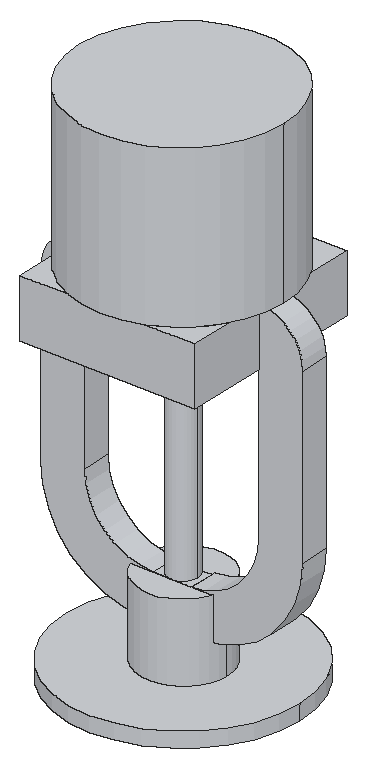
Revit family
Parameters (values of type "RASCO F1FR56 PENDENT")
  Temperature Rating = 286 °F
  Response = 1
  RASCO SIN # = "RA1414"
  RASCO Part # = "F1FR56P3C"
  Pressure Rating = "175 PSI"
  Pressure Class = (empty or 0)
  Orifice Size = 1/2"
  Orifice = (empty or 0)
  Model = "F1FR56"
  Manufacturer = "RASCO"
  K-Factor = 5.6
  Description = "Chrome Finish"
  Coverage = (empty or 0)
Reference planes (in)
  plane 1 "Center (Front/Back)": y = 0
  plane 2: z = 0
  plane 3 "Center (Left/Right)": x = 0
Dimensions and locks (in)
  aligned and locked: plane 2 to level
Nested families (in)
  nested 1: "F1FR56P3C" at (-0.0113, 0, 2.4375) x (-1, 0, 0) z (0, 0, -1), type "RASCO F1FR56 PENDENT"
Connectors (in)
  piping at (-0.0113, 0, 2.4375)
    settings: on nested 1, index 1, connector radius 115/256", flow factor 0, pipe flow 0 GPM, pressure drop 0.00 psi, fitting loss kfactor 0, connector angle 0.00°, fixture units 0, flow configuration 0, flow direction 0, fitting loss method 0, system type 7, connector reference index -1, connector utility 0, adjustable connector no, is connector primary yes, fitting loss table "", connector description ""
Definition of nested family "F1FR56P3C"
  Parameters (values of type "RASCO F1FR56 PENDENT")
    Type Comments = ""
    Temperature Rating = 0 °F
    Response = (empty or 0)
    Pressure Rating = "0"
    Pressure Class = (empty or 0)
    Orifice Size = 0"
    Orifice = (empty or 0)
    Model = ""
    Manufacturer = ""
    K-Factor = 0
    Description = ""
    Coverage = (empty or 0)
    Assembly Code = ""
  Reference planes (in)
    plane 1 "Center (Front/Back)": y = 0
    plane 2: z = 0
    plane 3 "ref.2": z = 0.6875
    plane 4 "ref.3": z = 0.9375
    plane 5: x = -0.38065
    plane 6: x = 0.36935
    plane 7 "ref. side 1": y = 0.06402
    plane 8 "ref. side 2": y = -0.06098
    plane 9 "ref.4": z = 1.875
    plane 10 "ref.5": z = 2.3125
    plane 11 "ref.6": z = 2.4375
  Forms (in)
    Extrusion 1, solid
      sketch origin (0, 0, 0) x (1, 0, 0) y (0, 1, 0)
        loop
          circle (0, 0) r 0.4379
      from 0 to 0.6875
    Extrusion 2, solid
      sketch origin (-0.12185, 0.05177, 0.6875) x (1, 0, 0) y (0, 1, 0)
        loop
          line (-0.2588, 0.356) -> (-0.2588, -0.4565) -> (0.4912, -0.4565) -> (0.4912, 0.356) -> (-0.2588, 0.356)
      from 0 to 0.25
    Extrusion 3, solid
      sketch origin (0, 0, 0) x (1, 0, 0) y (0, 0, 1)
        loop
          line (-0.38065, 0.68754) -> (-0.38065, 1.58397)
          arc (-0.38065, 1.58397) -> (-0.29541, 1.78976) -> (-0.08962, 1.875) r 0.29103
          line (-0.08962, 1.875) -> (0.07524, 1.875)
          arc (0.07524, 1.875) -> (0.28321, 1.78886) -> (0.36935, 1.58089) r 0.29411
          line (0.36935, 1.58089) -> (0.36935, 0.68751)
          arc (0.36935, 0.68751) -> (0.50207, 0.74393) -> (0.55685, 0.87734) r 0.18984
          line (0.55685, 0.87734) -> (0.55685, 1.61676)
          arc (0.55685, 1.61676) -> (0.42629, 1.93194) -> (0.11111, 2.0625) r 0.44574
          line (0.11111, 2.0625) -> (-0.12259, 2.0625)
          arc (-0.12259, 2.0625) -> (-0.43765, 1.932) -> (-0.56815, 1.61694) r 0.44556
          line (-0.56815, 1.61694) -> (-0.56815, 0.87876)
          arc (-0.56815, 0.87876) -> (-0.51345, 0.74486) -> (-0.38065, 0.68754) r 0.19126
      from -0.06402 to 0.06098
    Extrusion 4, solid
      sketch origin (0, 0, 0.9375) x (-1, 0, 0) y (0, -1, 0)
        loop
          circle (0.00574, -0.00152) r 0.0625
      from 0 to 0.9375
    Extrusion 5, solid
      sketch origin (0, 0, 1.875) x (-1, 0, 0) y (0, -1, 0)
        loop
          circle (0.00574, -0.00152) r 0.1875
      from 0 to 0.4375
    Extrusion 6, solid
      sketch origin (0, 0, 2.3125) x (0, -1, 0) y (1, 0, 0)
        loop
          circle (-0.00152, -0.00574) r 0.5
      from -0.10531 to -0.03987
  Cuts and joins
    joined: Extrusion 1, Extrusion 2, Extrusion 4
  Lines and regions (in)
    model lines
      curve 1: line (-0.00574, 0.06402, 1.875) -> (-0.00574, -0.06098, 1.875)
